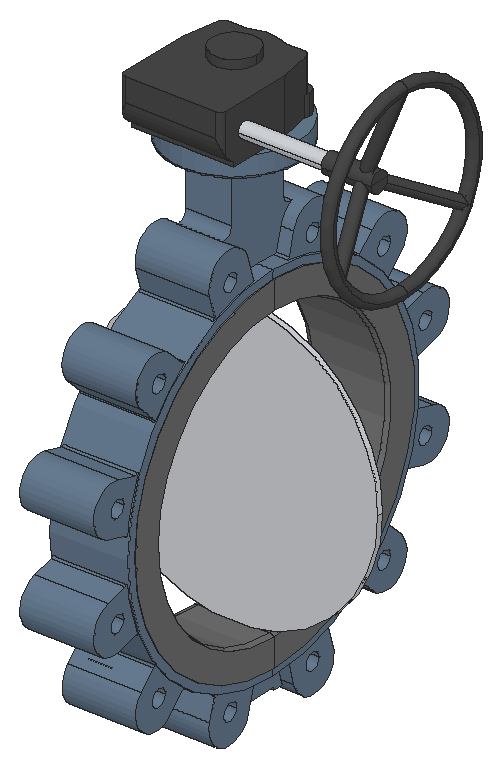
Revit family "Absperr- und Regulierklappe mit Getriebe AF-4219", category Rohrzubehör, Revit 2021
Family settings
  Bemaßung runder Anschluss = Durchmesser verwenden
  Teiletyp = Unterbricht
  OmniClass-Nummer = 23.65.55.14
  OmniClass-Titel = Valves for Liquid Services
  Arbeitsebenenbasiert = Nein
  Immer vertikal = Ja
  Beim Laden mit Abzugskörper schneiden = Nein
  Gemeinsam genutzt = Nein
Parameters
  Vorgabe-Ansicht = 0 mm
  URL = "www.herz-armaturen.at"
  Spindel = "Edelstahl ASTM-A276 / Type 316"  # constant formula
  Schrauben [instance] = if(Nennweite = 50 mm, "4x M16x35", if(Nennweite = 65 mm, "4x M16x35", if(Nennweite = 80 mm, "8x M16x35", if(Nennweite = 100 mm, "8x M16x40", if(Nennweite = 125 mm, "8x M16x40", if(Nennweite = 150 mm, "8x M20x40", if(Nennweite = 200 mm, "12x M20x45", if(Nennweite = 250 mm, "12x M24x45", "12x M24x45"))))))))  # "12x M24x45"
  SCTWSEQ = "FW;SBT_TYP_FW=\"101\";2"
  SCTWCODE = "04;07;02"  # constant formula
  SCRNSEQ = "ARM;ARM_TYP=\"ALLF\";2"
  SCRNCODE = "05;13;02"  # constant formula
  R99 = 1.5 mm  # constant formula
  PN [instance] = size_lookup("4219_AF_G", "PN", 16, Nennweite)  # 10
  O-Ring = "EPDM entsprechend ISO 1691"  # constant formula
  Min.Betriebstemperatur = "-20.00 °C bei entsprechneder Wasser-Glycolmischung"  # constant formula
  Medium = "Ethylen- und Propyleneglykol kann in einem Mischungsverhältnis zwischen 25 - 50 vol. [%] verwendet werden."
  Max.Betriebstemperatur = 110 °C  # constant formula
  L04 [instance] = L01 - 3.5 mm  # 35.5 mm
  L03 [instance] = L01 + 1.5 mm  # 40.5 mm
  L02 [instance] = size_lookup("4219_AF_G", "L2", 14.5 mm, Nennweite)  # 30.5 mm
  L01 [instance] = size_lookup("4219_AF_G", "L1", 21.5 mm, Nennweite)  # 39 mm
  R01 [instance] = size_lookup("4219_AF_G", "R1", 44 mm, Nennweite)  # 65 mm
  Nennweite [instance] = 300 mm
  Klappenscheibe = "Edelstahl 1.4408"  # constant formula
  Hersteller = "HERZ Armaturen Ges.m.b.H."  # constant formula
  Hebel DN50-150 = "Stahl, ST14.03"  # constant formula
  Hebel DN200-DN300 = "Stahl, S235 DIN2458/1626"  # constant formula
  H02 [instance] = size_lookup("4219_AF_G", "H2", 13 mm, Nennweite)  # 20 mm
  H01 [instance] = size_lookup("4219_AF_G", "H1", 125 mm, Nennweite)  # 308 mm
  Gewicht [instance] = size_lookup("4219_AF_G", "Gewicht", 3.8, Nennweite)  # 37.6
  Gehäuseauskleidung = "EPDM entsprechend ISO 1691"  # constant formula
  Gehäuse = "GGG, GJS-400-15/JS1030, entsprechend EN1563"  # constant formula
  Drehmoment in NM [instance] = size_lookup("4219_AF_G", "Nm", 20, Nennweite)  # 350
  DN80 [instance] = Nennweite = 80 mm  # no
  DN65 [instance] = Nennweite = 65 mm  # no
  DN50 [instance] = Nennweite = 50 mm  # no
  DN300 [instance] = Nennweite = 300 mm  # yes
  DN250 [instance] = Nennweite = 250 mm  # no
  DN200 [instance] = Nennweite = 200 mm  # no
  DN150 [instance] = Nennweite = 150 mm  # no
  DN125 [instance] = Nennweite = 125 mm  # no
  DN100 [instance] = Nennweite = 100 mm  # no
  D06 [instance] = size_lookup("4219_AF_G", "D6", 25.3 mm, Nennweite)  # 146.5 mm
  D05 [instance] = size_lookup("4219_AF_G", "D5", 24.5 mm, Nennweite)  # 145 mm
  D04 [instance] = D05 + 2 mm  # 147 mm
  D03 [instance] = size_lookup("4219_AF_G", "D3", 35.5 mm, Nennweite)  # 167.5 mm
  D02 [instance] = size_lookup("4219_AF_G", "D2", 41 mm, Nennweite)  # 175 mm
  D01 [instance] = size_lookup("4219_AF_G", "D1", 47 mm, Nennweite)  # 183 mm
  Bestellnummer [instance] = size_lookup("4219_AF_G", "Artnr", 421911, Nennweite)  # 1421979
  Anwendungsgebiet = "Geeignet für Flüssigkeiten in der Haustechnik, Kaltwasser, Heißwasser, etc."
  Anschlussflansch = "entsprechend EN1092-2"  # constant formula
Reference planes
  plane 1 "Mitte (Vorne/hinten)": y = 0
  plane 2: z = 0
  plane 3 "Mitte (Links/rechts)": x = 0
Forms (mm)
  Revolve 1, solid, material "Herz-Metall-blau", detail levels fine
    sketch origin (0, 0, 0) x (1, 0, 0) y (0, 0, 1)
      loop
        line (-30.5, 175) -> (-30.5, 167.5) -> (30.5, 167.5) -> (30.5, 175) -> (39, 175) -> (39, 183) -> (-39, 183) -> (-39, 175) -> (-30.5, 175)
      axis (-39, 0) -> (39, 0)
    angle from 0 to 360
  Revolve 2, solid, material "Herz-Metall-blau", detail levels fine
    sketch origin (0, 0, 0) x (1, 0, 0) y (0, 0, 1)
      loop
        line (-65, 308) -> (-65, 289.463)
        arc (-65, 289.463) -> (-64.673, 288.527) -> (-63.833, 288) r 1.5
        line (-63.833, 288) -> (0, 288) -> (0, 308) -> (-65, 308)
      axis (0, 308) -> (0, 288)
    angle from 0 to 360
  Extrusion 3, solid, material "Herz-Metall-blau", visible <- "DN50", detail levels fine
    sketch origin (0, 0, 0) x (0, 1, 0) y (0, 0, 1)
      loop
        line (56.215, -32.173) -> (43.95, -19.909)
        arc (43.95, -19.909) -> (43.387, -18.793) -> (43.596, -17.56) r 2
        arc (43.596, -17.56) -> (33.234, -33.234) -> (17.56, -43.596) r 47
        arc (17.56, -43.596) -> (18.793, -43.387) -> (19.909, -43.95) r 2
        line (19.909, -43.95) -> (32.173, -56.215)
        arc (32.173, -56.215) -> (56.215, -56.215) -> (56.215, -32.173) r 17
      loop
        arc (-56.215, -32.173) -> (-56.215, -56.215) -> (-32.173, -56.215) r 17
        line (-32.173, -56.215) -> (-19.909, -43.95)
        arc (-19.909, -43.95) -> (-18.793, -43.387) -> (-17.56, -43.596) r 2
        arc (-17.56, -43.596) -> (-33.234, -33.234) -> (-43.596, -17.56) r 47
        arc (-43.596, -17.56) -> (-43.387, -18.793) -> (-43.95, -19.909) r 2
        line (-43.95, -19.909) -> (-56.215, -32.173)
      loop
        arc (56.215, 32.173) -> (56.215, 56.215) -> (32.173, 56.215) r 17
        line (32.173, 56.215) -> (19.909, 43.95)
        arc (19.909, 43.95) -> (18.793, 43.387) -> (17.56, 43.596) r 2
        arc (17.56, 43.596) -> (33.234, 33.234) -> (43.596, 17.56) r 47
        arc (43.596, 17.56) -> (43.387, 18.793) -> (43.95, 19.909) r 2
        line (43.95, 19.909) -> (56.215, 32.173)
      loop
        line (-56.215, 32.173) -> (-43.95, 19.909)
        arc (-43.95, 19.909) -> (-43.387, 18.793) -> (-43.596, 17.56) r 2
        arc (-43.596, 17.56) -> (-33.234, 33.234) -> (-17.56, 43.596) r 47
        arc (-17.56, 43.596) -> (-18.793, 43.387) -> (-19.909, 43.95) r 2
        line (-19.909, 43.95) -> (-32.173, 56.215)
        arc (-32.173, 56.215) -> (-56.215, 56.215) -> (-56.215, 32.173) r 17
      loop
        circle (-44.194, 44.194) r 6.92
      loop
        circle (44.194, 44.194) r 6.92
      loop
        circle (44.194, -44.194) r 6.92
      loop
        circle (-44.194, -44.194) r 6.92
    from -19.5 to 19.5
  Extrusion 4, solid, material "Herz-Metall-blau", visible <- "DN50", detail levels fine
    sketch origin (0, 0, 0) x (0, 1, 0) y (0, 0, 1)
      loop
        line (20, 74.845) -> (20, 112) -> (-20, 112) -> (-20, 74.845)
        arc (-20, 74.845) -> (-26.046, 62.811) -> (-39.31, 60.477) r 15
        arc (-39.31, 60.477) -> (-35.477, 58.789) -> (-32.173, 56.215) r 17
        line (-32.173, 56.215) -> (-19.909, 43.95)
        arc (-19.909, 43.95) -> (-18.793, 43.387) -> (-17.56, 43.596) r 2
        arc (-17.56, 43.596) -> (0, 47) -> (17.56, 43.596) r 47
        arc (17.56, 43.596) -> (18.793, 43.387) -> (19.909, 43.95) r 2
        line (19.909, 43.95) -> (32.173, 56.215)
        arc (32.173, 56.215) -> (35.477, 58.789) -> (39.31, 60.477) r 17
        arc (39.31, 60.477) -> (26.046, 62.811) -> (20, 74.845) r 15
    from -15 to 15
  Extrusion 5, solid, material "Herz-Metall-blau", visible <- "DN50"
    sketch origin (0, 0, 0) x (0, 1, 0) y (0, 0, 1)
      loop
        arc (33.834, -58) -> (34.246, -58.062) -> (34.622, -58.243) r 1.4
        arc (34.622, -58.243) -> (33.35, -57.286) -> (32.173, -56.215) r 17
        line (32.173, -56.215) -> (19.909, -43.95)
        arc (19.909, -43.95) -> (18.793, -43.387) -> (17.56, -43.596) r 2
        arc (17.56, -43.596) -> (0, -47) -> (-17.56, -43.596) r 47
        arc (-17.56, -43.596) -> (-18.793, -43.387) -> (-19.909, -43.95) r 2
        line (-19.909, -43.95) -> (-32.173, -56.215)
        arc (-32.173, -56.215) -> (-33.35, -57.286) -> (-34.622, -58.243) r 17
        arc (-34.622, -58.243) -> (-34.246, -58.062) -> (-33.834, -58) r 1.4
        line (-33.834, -58) -> (-16.963, -58)
        arc (-16.963, -58) -> (-15.575, -58.575) -> (-15, -59.963) r 1.963
        line (-15, -59.963) -> (-15, -61) -> (15, -61) -> (15, -59.963)
        arc (15, -59.963) -> (15.575, -58.575) -> (16.963, -58) r 1.963
        line (16.963, -58) -> (33.834, -58)
    from -15 to 15
  Revolve 6, solid, material "Gummi", detail levels fine
    sketch origin (-134.5, 0, 0) x (1, 0, 0) y (0, 0, 1)
      loop
        line (94, 175) -> (94, 147) -> (99, 145) -> (170, 145) -> (175, 147) -> (175, 175) -> (165, 175) -> (165, 167.5) -> (104, 167.5) -> (104, 175) -> (94, 175)
      axis (94, 0) -> (175, 0)
    angle from 0 to 360
  Extrusion 7, solid, detail levels fine
    sketch origin (0, 0, 0) x (1, 0, 0) y (0, 0, 1)
      loop
        circle (0, 0) r 146.5
    from -2.5 to 2.5
  Extrusion 8, solid, material "Herz-Metall-blau", visible <- "DN65", detail levels fine
    sketch origin (0, -300, 0) x (0, 1, 0) y (0, 0, 1)
      loop
        circle (351.265, 51.265) r 6.92
      loop
        arc (363.286, 39.244) -> (363.286, 63.286) -> (339.244, 63.286) r 17
        line (339.244, 63.286) -> (328.595, 52.636)
        arc (328.595, 52.636) -> (327.499, 52.076) -> (326.282, 52.264) r 2
        arc (326.282, 52.264) -> (341.366, 41.366) -> (352.264, 26.282) r 58.501
        arc (352.264, 26.282) -> (352.087, 27.51) -> (352.656, 28.614) r 2.038
        line (352.656, 28.614) -> (363.286, 39.244)
      loop
        circle (351.265, -51.265) r 6.92
      loop
        line (363.286, -39.244) -> (352.656, -28.614)
        arc (352.656, -28.614) -> (352.087, -27.51) -> (352.264, -26.282) r 2.038
        arc (352.264, -26.282) -> (341.366, -41.366) -> (326.282, -52.264) r 58.501
        arc (326.282, -52.264) -> (327.499, -52.076) -> (328.595, -52.636) r 2
        line (328.595, -52.636) -> (339.244, -63.286)
        arc (339.244, -63.286) -> (363.286, -63.286) -> (363.286, -39.244) r 17
      loop
        circle (248.735, 51.265) r 6.92
      loop
        line (236.714, 39.244) -> (247.344, 28.614)
        arc (247.344, 28.614) -> (247.913, 27.51) -> (247.736, 26.282) r 2.038
        arc (247.736, 26.282) -> (258.634, 41.366) -> (273.718, 52.264) r 58.501
        arc (273.718, 52.264) -> (272.501, 52.076) -> (271.405, 52.636) r 2
        line (271.405, 52.636) -> (260.756, 63.286)
        arc (260.756, 63.286) -> (236.714, 63.286) -> (236.714, 39.244) r 17
      loop
        circle (248.735, -51.265) r 6.92
      loop
        arc (236.714, -39.244) -> (236.714, -63.286) -> (260.756, -63.286) r 17
        line (260.756, -63.286) -> (271.405, -52.636)
        arc (271.405, -52.636) -> (272.501, -52.076) -> (273.718, -52.264) r 2
        arc (273.718, -52.264) -> (258.634, -41.366) -> (247.736, -26.282) r 58.501
        arc (247.736, -26.282) -> (247.913, -27.51) -> (247.344, -28.614) r 2.038
        line (247.344, -28.614) -> (236.714, -39.244)
    from -21 to 21
  Extrusion 9, solid, material "Herz-Metall-blau", visible <- "DN65", detail levels fine
    sketch origin (0, -300, 0) x (0, 1, 0) y (0, 0, 1)
      loop
        line (278, 136.5) -> (278, 78.286)
        arc (278, 78.286) -> (272.889, 69.099) -> (263, 65.53) r 14.984
        line (263, 65.53) -> (257.982, 65.53)
        arc (257.982, 65.53) -> (259.428, 64.481) -> (260.756, 63.286) r 17
        line (260.756, 63.286) -> (271.405, 52.636)
        arc (271.405, 52.636) -> (272.501, 52.076) -> (273.718, 52.264) r 2
        arc (273.718, 52.264) -> (300, 58.5) -> (326.282, 52.264) r 58.5
        arc (326.282, 52.264) -> (327.499, 52.076) -> (328.595, 52.636) r 2
        line (328.595, 52.636) -> (339.244, 63.286)
        arc (339.244, 63.286) -> (340.572, 64.481) -> (342.018, 65.53) r 17
        line (342.018, 65.53) -> (337, 65.53)
        arc (337, 65.53) -> (327.111, 69.099) -> (322, 78.286) r 14.984
        line (322, 78.286) -> (322, 136.5) -> (278, 136.5)
      loop
        arc (260.756, -63.286) -> (259.428, -64.481) -> (257.982, -65.53) r 17
        line (257.982, -65.53) -> (280.029, -65.53)
        arc (280.029, -65.53) -> (281.423, -66.108) -> (282, -67.501) r 1.971
        line (282, -67.501) -> (282, -74) -> (318, -74) -> (318, -67.527)
        arc (318, -67.527) -> (318.585, -66.115) -> (319.997, -65.53) r 1.997
        line (319.997, -65.53) -> (342.018, -65.53)
        arc (342.018, -65.53) -> (340.572, -64.481) -> (339.244, -63.286) r 17
        line (339.244, -63.286) -> (328.595, -52.636)
        arc (328.595, -52.636) -> (327.499, -52.076) -> (326.282, -52.264) r 2
        arc (326.282, -52.264) -> (300, -58.5) -> (273.718, -52.264) r 58.5
        arc (273.718, -52.264) -> (272.501, -52.076) -> (271.405, -52.636) r 2
        line (271.405, -52.636) -> (260.756, -63.286)
    from -18 to 18
  Extrusion 10, solid, material "Herz-Metall-blau", visible <- "DN80", detail levels fine
    sketch origin (0, -300, 0) x (0, 1, 0) y (0, 0, 1)
      loop
        circle (269.385, 73.91) r 6.92
      loop
        arc (285.091, 80.416) -> (262.88, 89.616) -> (253.679, 67.405) r 17
        line (253.679, 67.405) -> (259.513, 53.322)
        arc (259.513, 53.322) -> (259.602, 52.073) -> (258.924, 51.02) r 1.982
        arc (258.924, 51.02) -> (274.934, 60.514) -> (292.968, 65.121) r 65.5
        arc (292.968, 65.121) -> (291.745, 65.388) -> (290.924, 66.335) r 1.984
        line (290.924, 66.335) -> (285.091, 80.416)
      loop
        circle (226.09, 30.615) r 6.92
      loop
        line (219.584, 14.909) -> (233.665, 9.076)
        arc (233.665, 9.076) -> (234.612, 8.255) -> (234.879, 7.032) r 1.984
        arc (234.879, 7.032) -> (239.486, 25.066) -> (248.98, 41.076) r 65.5
        arc (248.98, 41.076) -> (247.927, 40.398) -> (246.678, 40.487) r 1.982
        line (246.678, 40.487) -> (232.595, 46.321)
        arc (232.595, 46.321) -> (210.384, 37.12) -> (219.584, 14.909) r 17
      loop
        circle (269.385, -73.91) r 6.92
      loop
        line (285.091, -80.416) -> (290.924, -66.335)
        arc (290.924, -66.335) -> (291.745, -65.388) -> (292.968, -65.121) r 1.984
        arc (292.968, -65.121) -> (274.934, -60.514) -> (258.924, -51.02) r 65.5
        arc (258.924, -51.02) -> (259.602, -52.073) -> (259.513, -53.322) r 1.982
        line (259.513, -53.322) -> (253.679, -67.405)
        arc (253.679, -67.405) -> (262.88, -89.616) -> (285.091, -80.416) r 17
      loop
        circle (226.09, -30.615) r 6.92
      loop
        arc (219.584, -14.909) -> (210.384, -37.12) -> (232.595, -46.321) r 17
        line (232.595, -46.321) -> (246.678, -40.487)
        arc (246.678, -40.487) -> (247.927, -40.398) -> (248.98, -41.076) r 1.982
        arc (248.98, -41.076) -> (239.486, -25.066) -> (234.879, -7.032) r 65.5
        arc (234.879, -7.032) -> (234.612, -8.255) -> (233.665, -9.076) r 1.984
        line (233.665, -9.076) -> (219.584, -14.909)
      loop
        circle (330.615, 73.91) r 6.92
      loop
        line (314.909, 80.416) -> (309.076, 66.335)
        arc (309.076, 66.335) -> (308.255, 65.388) -> (307.032, 65.121) r 1.984
        arc (307.032, 65.121) -> (325.066, 60.514) -> (341.076, 51.02) r 65.5
        arc (341.076, 51.02) -> (340.398, 52.073) -> (340.487, 53.322) r 1.982
        line (340.487, 53.322) -> (346.321, 67.405)
        arc (346.321, 67.405) -> (337.12, 89.616) -> (314.909, 80.416) r 17
      loop
        circle (373.91, 30.615) r 6.92
      loop
        arc (380.416, 14.909) -> (389.616, 37.12) -> (367.405, 46.321) r 17
        line (367.405, 46.321) -> (353.322, 40.487)
        arc (353.322, 40.487) -> (352.073, 40.398) -> (351.02, 41.076) r 1.982
        arc (351.02, 41.076) -> (360.514, 25.066) -> (365.121, 7.032) r 65.5
        arc (365.121, 7.032) -> (365.388, 8.255) -> (366.335, 9.076) r 1.984
        line (366.335, 9.076) -> (380.416, 14.909)
      loop
        circle (330.615, -73.91) r 6.92
      loop
        arc (314.909, -80.416) -> (337.12, -89.616) -> (346.321, -67.405) r 17
        line (346.321, -67.405) -> (340.487, -53.322)
        arc (340.487, -53.322) -> (340.398, -52.073) -> (341.076, -51.02) r 1.982
        arc (341.076, -51.02) -> (325.066, -60.514) -> (307.032, -65.121) r 65.5
        arc (307.032, -65.121) -> (308.255, -65.388) -> (309.076, -66.335) r 1.984
        line (309.076, -66.335) -> (314.909, -80.416)
      loop
        circle (373.91, -30.615) r 6.92
      loop
        line (380.416, -14.909) -> (366.335, -9.076)
        arc (366.335, -9.076) -> (365.388, -8.255) -> (365.121, -7.032) r 1.984
        arc (365.121, -7.032) -> (360.514, -25.066) -> (351.02, -41.076) r 65.5
        arc (351.02, -41.076) -> (352.073, -40.398) -> (353.322, -40.487) r 1.982
        line (353.322, -40.487) -> (367.405, -46.321)
        arc (367.405, -46.321) -> (389.616, -37.12) -> (380.416, -14.909) r 17
    from -21 to 21
  Extrusion 11, solid, material "Herz-Metall-blau", visible <- "DN80", detail levels fine
    sketch origin (0, -300, 0) x (0, 1, 0) y (0, 0, 1)
      loop
        line (278, 143.5) -> (278, 100.814)
        arc (278, 100.814) -> (275.545, 94.251) -> (269.385, 90.91) r 10
        arc (269.385, 90.91) -> (278.83, 88.045) -> (285.091, 80.416) r 17
        line (285.091, 80.416) -> (290.924, 66.335)
        arc (290.924, 66.335) -> (291.744, 65.388) -> (292.968, 65.121) r 1.984
        arc (292.968, 65.121) -> (300, 65.497) -> (307.032, 65.121) r 66.05
        arc (307.032, 65.121) -> (308.256, 65.388) -> (309.076, 66.335) r 1.984
        line (309.076, 66.335) -> (314.909, 80.416)
        arc (314.909, 80.416) -> (321.17, 88.045) -> (330.615, 90.91) r 17
        arc (330.615, 90.91) -> (324.455, 94.251) -> (322, 100.814) r 10
        line (322, 100.814) -> (322, 143.5) -> (278, 143.5)
      loop
        line (285.091, -80.416) -> (286.5, -80.946) -> (313.5, -80.946) -> (314.89, -80.371) -> (309.076, -66.335)
        arc (309.076, -66.335) -> (308.256, -65.388) -> (307.032, -65.121) r 1.984
        arc (307.032, -65.121) -> (300, -65.497) -> (292.968, -65.121) r 66.05
        arc (292.968, -65.121) -> (291.744, -65.388) -> (290.924, -66.335) r 1.984
        line (290.924, -66.335) -> (285.091, -80.416)
    from -18.5 to 18.5
  Extrusion 12, solid, material "Herz-Metall-blau", visible <- "DN100", detail levels fine
    sketch origin (0, -300, 0) x (0, 1, 0) y (0, 0, 1)
      loop
        circle (265.558, 83.149) r 6.92
      loop
        arc (281.264, 89.655) -> (259.053, 98.855) -> (249.853, 76.644) r 17
        line (249.853, 76.644) -> (255.731, 62.451)
        arc (255.731, 62.451) -> (255.813, 61.14) -> (255.074, 60.055) r 2.025
        arc (255.074, 60.055) -> (271.3, 69.291) -> (289.305, 74.233) r 75
        arc (289.305, 74.233) -> (288.012, 74.478) -> (287.142, 75.464) r 2.027
        line (287.142, 75.464) -> (281.264, 89.655)
      loop
        circle (216.851, 34.442) r 6.92
      loop
        line (210.345, 18.736) -> (224.536, 12.858)
        arc (224.536, 12.858) -> (225.522, 11.988) -> (225.767, 10.695) r 2.027
        arc (225.767, 10.695) -> (230.709, 28.7) -> (239.945, 44.926) r 75
        arc (239.945, 44.926) -> (238.86, 44.187) -> (237.549, 44.269) r 2.025
        line (237.549, 44.269) -> (223.356, 50.147)
        arc (223.356, 50.147) -> (201.145, 40.947) -> (210.345, 18.736) r 17
      loop
        circle (265.558, -83.149) r 6.92
      loop
        line (281.264, -89.655) -> (287.142, -75.464)
        arc (287.142, -75.464) -> (288.012, -74.478) -> (289.305, -74.233) r 2.027
        arc (289.305, -74.233) -> (271.3, -69.291) -> (255.074, -60.055) r 75
        arc (255.074, -60.055) -> (255.813, -61.14) -> (255.731, -62.451) r 2.025
        line (255.731, -62.451) -> (249.853, -76.644)
        arc (249.853, -76.644) -> (259.053, -98.855) -> (281.264, -89.655) r 17
      loop
        circle (216.851, -34.442) r 6.92
      loop
        arc (210.345, -18.736) -> (201.145, -40.947) -> (223.356, -50.147) r 17
        line (223.356, -50.147) -> (237.549, -44.269)
        arc (237.549, -44.269) -> (238.86, -44.187) -> (239.945, -44.926) r 2.025
        arc (239.945, -44.926) -> (230.709, -28.7) -> (225.767, -10.695) r 75
        arc (225.767, -10.695) -> (225.522, -11.988) -> (224.536, -12.858) r 2.027
        line (224.536, -12.858) -> (210.345, -18.736)
      loop
        circle (334.442, 83.149) r 6.92
      loop
        line (318.736, 89.655) -> (312.858, 75.464)
        arc (312.858, 75.464) -> (311.988, 74.478) -> (310.695, 74.233) r 2.027
        arc (310.695, 74.233) -> (328.7, 69.291) -> (344.926, 60.055) r 75
        arc (344.926, 60.055) -> (344.187, 61.14) -> (344.269, 62.451) r 2.025
        line (344.269, 62.451) -> (350.147, 76.644)
        arc (350.147, 76.644) -> (340.947, 98.855) -> (318.736, 89.655) r 17
      loop
        circle (383.149, 34.442) r 6.92
      loop
        arc (389.655, 18.736) -> (398.855, 40.947) -> (376.644, 50.147) r 17
        line (376.644, 50.147) -> (362.451, 44.269)
        arc (362.451, 44.269) -> (361.14, 44.187) -> (360.055, 44.926) r 2.025
        arc (360.055, 44.926) -> (369.291, 28.7) -> (374.233, 10.695) r 75
        arc (374.233, 10.695) -> (374.478, 11.988) -> (375.464, 12.858) r 2.027
        line (375.464, 12.858) -> (389.655, 18.736)
      loop
        circle (334.442, -83.149) r 6.92
      loop
        arc (318.736, -89.655) -> (340.947, -98.855) -> (350.147, -76.644) r 17
        line (350.147, -76.644) -> (344.269, -62.451)
        arc (344.269, -62.451) -> (344.187, -61.14) -> (344.926, -60.055) r 2.025
        arc (344.926, -60.055) -> (328.7, -69.291) -> (310.695, -74.233) r 75
        arc (310.695, -74.233) -> (311.988, -74.478) -> (312.858, -75.464) r 2.027
        line (312.858, -75.464) -> (318.736, -89.655)
      loop
        circle (383.149, -34.442) r 6.92
      loop
        line (389.655, -18.736) -> (375.464, -12.858)
        arc (375.464, -12.858) -> (374.478, -11.988) -> (374.233, -10.695) r 2.027
        arc (374.233, -10.695) -> (369.291, -28.7) -> (360.055, -44.926) r 75
        arc (360.055, -44.926) -> (361.14, -44.187) -> (362.451, -44.269) r 2.025
        line (362.451, -44.269) -> (376.644, -50.147)
        arc (376.644, -50.147) -> (398.855, -40.947) -> (389.655, -18.736) r 17
    from -24 to 24
  Extrusion 13, solid, material "Herz-Metall-blau", visible <- "DN100", detail levels fine
    sketch origin (0, -300, 0) x (0, 1, 0) y (0, 0, 1)
      loop
        line (274, 167) -> (274, 114.47)
        arc (274, 114.47) -> (270.644, 105.014) -> (262.078, 99.789) r 15
        arc (262.078, 99.789) -> (273.498, 98.181) -> (281.264, 89.655) r 17
        line (281.264, 89.655) -> (287.142, 75.464)
        arc (287.142, 75.464) -> (288.012, 74.478) -> (289.305, 74.233) r 2.027
        arc (289.305, 74.233) -> (300, 75) -> (310.695, 74.233) r 75
        arc (310.695, 74.233) -> (311.988, 74.478) -> (312.858, 75.464) r 2.027
        line (312.858, 75.464) -> (318.736, 89.655)
        arc (318.736, 89.655) -> (326.502, 98.181) -> (337.922, 99.789) r 17
        arc (337.922, 99.789) -> (329.356, 105.014) -> (326, 114.47) r 15
        line (326, 114.47) -> (326, 167) -> (274, 167)
      loop
        line (286.5, -93) -> (313.5, -93) -> (313.5, -96) -> (323.312, -96)
        arc (323.312, -96) -> (320.654, -93.094) -> (318.736, -89.655) r 17
        line (318.736, -89.655) -> (312.858, -75.464)
        arc (312.858, -75.464) -> (311.988, -74.478) -> (310.695, -74.233) r 2.027
        arc (310.695, -74.233) -> (300, -75) -> (289.305, -74.233) r 75
        arc (289.305, -74.233) -> (288.012, -74.478) -> (287.142, -75.464) r 2.027
        line (287.142, -75.464) -> (281.264, -89.655)
        arc (281.264, -89.655) -> (279.346, -93.094) -> (276.688, -96) r 17
        line (276.688, -96) -> (286.5, -96) -> (286.5, -93)
    from -18 to 18
  Extrusion 14, solid, material "Herz-Metall-blau", visible <- "DN125", detail levels fine
    sketch origin (0, -300, 0) x (0, 1, 0) y (0, 0, 1)
      loop
        circle (259.818, 97.007) r 6.92
      loop
        arc (275.524, 103.513) -> (253.313, 112.713) -> (244.112, 90.502) r 17
        line (244.112, 90.502) -> (249.217, 78.179)
        arc (249.217, 78.179) -> (249.286, 76.825) -> (248.485, 75.731) r 2.023
        arc (248.485, 75.731) -> (264.902, 84.594) -> (282.772, 89.957) r 91.852
        arc (282.772, 89.957) -> (281.505, 90.18) -> (280.649, 91.141) r 1.958
        line (280.649, 91.141) -> (275.524, 103.513)
      loop
        circle (202.993, 40.182) r 6.92
      loop
        line (196.487, 24.476) -> (208.859, 19.351)
        arc (208.859, 19.351) -> (209.82, 18.495) -> (210.043, 17.228) r 1.958
        arc (210.043, 17.228) -> (215.406, 35.098) -> (224.269, 51.515) r 91.852
        arc (224.269, 51.515) -> (223.175, 50.714) -> (221.821, 50.783) r 2.023
        line (221.821, 50.783) -> (209.498, 55.888)
        arc (209.498, 55.888) -> (187.287, 46.687) -> (196.487, 24.476) r 17
      loop
        circle (259.818, -97.007) r 6.92
      loop
        line (275.524, -103.513) -> (280.649, -91.141)
        arc (280.649, -91.141) -> (281.505, -90.18) -> (282.772, -89.957) r 1.958
        arc (282.772, -89.957) -> (264.902, -84.594) -> (248.485, -75.731) r 91.852
        arc (248.485, -75.731) -> (249.286, -76.825) -> (249.217, -78.179) r 2.023
        line (249.217, -78.179) -> (244.112, -90.502)
        arc (244.112, -90.502) -> (253.313, -112.713) -> (275.524, -103.513) r 17
      loop
        circle (202.993, -40.182) r 6.92
      loop
        arc (196.487, -24.476) -> (187.287, -46.687) -> (209.498, -55.888) r 17
        line (209.498, -55.888) -> (221.821, -50.783)
        arc (221.821, -50.783) -> (223.175, -50.714) -> (224.269, -51.515) r 2.023
        arc (224.269, -51.515) -> (215.406, -35.098) -> (210.043, -17.228) r 91.852
        arc (210.043, -17.228) -> (209.82, -18.495) -> (208.859, -19.351) r 1.958
        line (208.859, -19.351) -> (196.487, -24.476)
      loop
        circle (340.182, 97.007) r 6.92
      loop
        line (324.476, 103.513) -> (319.351, 91.141)
        arc (319.351, 91.141) -> (318.495, 90.18) -> (317.228, 89.957) r 1.958
        arc (317.228, 89.957) -> (335.098, 84.594) -> (351.515, 75.731) r 91.852
        arc (351.515, 75.731) -> (350.714, 76.825) -> (350.783, 78.179) r 2.023
        line (350.783, 78.179) -> (355.888, 90.502)
        arc (355.888, 90.502) -> (346.687, 112.713) -> (324.476, 103.513) r 17
      loop
        circle (397.007, 40.182) r 6.92
      loop
        arc (403.513, 24.476) -> (412.713, 46.687) -> (390.502, 55.888) r 17
        line (390.502, 55.888) -> (378.179, 50.783)
        arc (378.179, 50.783) -> (376.825, 50.714) -> (375.731, 51.515) r 2.023
        arc (375.731, 51.515) -> (384.594, 35.098) -> (389.957, 17.228) r 91.852
        arc (389.957, 17.228) -> (390.18, 18.495) -> (391.141, 19.351) r 1.958
        line (391.141, 19.351) -> (403.513, 24.476)
      loop
        circle (340.182, -97.007) r 6.92
      loop
        arc (324.476, -103.513) -> (346.687, -112.713) -> (355.888, -90.502) r 17
        line (355.888, -90.502) -> (350.783, -78.179)
        arc (350.783, -78.179) -> (350.714, -76.825) -> (351.515, -75.731) r 2.023
        arc (351.515, -75.731) -> (335.098, -84.594) -> (317.228, -89.957) r 91.852
        arc (317.228, -89.957) -> (318.495, -90.18) -> (319.351, -91.141) r 1.958
        line (319.351, -91.141) -> (324.476, -103.513)
      loop
        circle (397.007, -40.182) r 6.92
      loop
        line (403.513, -24.476) -> (391.141, -19.351)
        arc (391.141, -19.351) -> (390.18, -18.495) -> (389.957, -17.228) r 1.958
        arc (389.957, -17.228) -> (384.594, -35.098) -> (375.731, -51.515) r 91.852
        arc (375.731, -51.515) -> (376.825, -50.714) -> (378.179, -50.783) r 2.023
        line (378.179, -50.783) -> (390.502, -55.888)
        arc (390.502, -55.888) -> (412.713, -46.687) -> (403.513, -24.476) r 17
    from -26 to 26
  Extrusion 15, solid, material "Herz-Metall-blau", visible <- "DN125", detail levels fine
    sketch origin (0, -300, 0) x (0, 1, 0) y (0, 0, 1)
      loop
        line (273.999, 186) -> (273.95, 123.689)
        arc (273.95, 123.689) -> (270.458, 116.096) -> (262.42, 113.807) r 10
        arc (262.42, 113.807) -> (270.32, 110.376) -> (275.524, 103.513) r 17
        line (275.524, 103.513) -> (280.649, 91.141)
        arc (280.649, 91.141) -> (281.528, 90.167) -> (282.825, 89.967) r 1.958
        arc (282.825, 89.967) -> (299.999, 91.589) -> (317.173, 89.967) r 91.7
        arc (317.173, 89.967) -> (318.469, 90.167) -> (319.348, 91.141) r 1.958
        line (319.348, 91.141) -> (324.473, 103.513)
        arc (324.473, 103.513) -> (329.677, 110.376) -> (337.577, 113.807) r 17
        arc (337.577, 113.807) -> (329.539, 116.096) -> (325.999, 123.689) r 10
        line (325.999, 123.689) -> (325.999, 186) -> (273.999, 186)
      loop
        line (286.499, -110.51) -> (313.499, -110.51) -> (313.499, -113.51) -> (336.099, -113.51)
        arc (336.099, -113.51) -> (329.095, -109.897) -> (324.473, -103.513) r 17
        line (324.473, -103.513) -> (319.348, -91.141)
        arc (319.348, -91.141) -> (318.469, -90.167) -> (317.173, -89.967) r 1.958
        arc (317.173, -89.967) -> (299.999, -91.589) -> (282.825, -89.967) r 91.7
        arc (282.825, -89.967) -> (281.528, -90.167) -> (280.649, -91.141) r 1.958
        line (280.649, -91.141) -> (275.524, -103.513)
        arc (275.524, -103.513) -> (270.902, -109.897) -> (263.898, -113.51) r 17
        line (263.898, -113.51) -> (286.499, -113.51) -> (286.499, -110.51)
    from -18 to 18
  Extrusion 16, solid, material "Herz-Metall-blau", visible <- "DN150", detail levels fine
    sketch origin (0, -300, 0) x (0, 1, 0) y (0, 0, 1)
      loop
        circle (254.078, 110.866) r 8.645
      loop
        arc (273.479, 118.902) -> (246.042, 130.267) -> (234.677, 102.829) r 21
        line (234.677, 102.829) -> (241.591, 86.136)
        arc (241.591, 86.136) -> (241.664, 84.82) -> (240.899, 83.746) r 1.993
        arc (240.899, 83.746) -> (260.776, 94.698) -> (282.575, 101.008) r 102.504
        arc (282.575, 101.008) -> (281.263, 101.248) -> (280.379, 102.246) r 2.042
        line (280.379, 102.246) -> (273.479, 118.902)
      loop
        circle (189.134, 45.922) r 8.645
      loop
        line (181.098, 26.521) -> (197.754, 19.621)
        arc (197.754, 19.621) -> (198.752, 18.737) -> (198.992, 17.425) r 2.042
        arc (198.992, 17.425) -> (205.302, 39.224) -> (216.254, 59.101) r 102.504
        arc (216.254, 59.101) -> (215.18, 58.336) -> (213.864, 58.409) r 1.993
        line (213.864, 58.409) -> (197.171, 65.323)
        arc (197.171, 65.323) -> (169.733, 53.958) -> (181.098, 26.521) r 21
      loop
        circle (254.078, -110.866) r 8.645
      loop
        line (273.479, -118.902) -> (280.379, -102.246)
        arc (280.379, -102.246) -> (281.263, -101.248) -> (282.575, -101.008) r 2.042
        arc (282.575, -101.008) -> (260.776, -94.698) -> (240.899, -83.746) r 102.504
        arc (240.899, -83.746) -> (241.664, -84.82) -> (241.591, -86.136) r 1.993
        line (241.591, -86.136) -> (234.677, -102.829)
        arc (234.677, -102.829) -> (246.042, -130.267) -> (273.479, -118.902) r 21
      loop
        circle (189.134, -45.922) r 8.645
      loop
        arc (181.098, -26.521) -> (169.733, -53.958) -> (197.171, -65.323) r 21
        line (197.171, -65.323) -> (213.864, -58.409)
        arc (213.864, -58.409) -> (215.18, -58.336) -> (216.254, -59.101) r 1.993
        arc (216.254, -59.101) -> (205.302, -39.224) -> (198.992, -17.425) r 102.504
        arc (198.992, -17.425) -> (198.752, -18.737) -> (197.754, -19.621) r 2.042
        line (197.754, -19.621) -> (181.098, -26.521)
      loop
        circle (345.922, 110.866) r 8.645
      loop
        line (326.521, 118.902) -> (319.621, 102.246)
        arc (319.621, 102.246) -> (318.737, 101.248) -> (317.425, 101.008) r 2.042
        arc (317.425, 101.008) -> (339.224, 94.698) -> (359.101, 83.746) r 102.504
        arc (359.101, 83.746) -> (358.336, 84.82) -> (358.409, 86.136) r 1.993
        line (358.409, 86.136) -> (365.323, 102.829)
        arc (365.323, 102.829) -> (353.958, 130.267) -> (326.521, 118.902) r 21
      loop
        circle (410.866, 45.922) r 8.645
      loop
        arc (418.902, 26.521) -> (430.267, 53.958) -> (402.829, 65.323) r 21
        line (402.829, 65.323) -> (386.136, 58.409)
        arc (386.136, 58.409) -> (384.82, 58.336) -> (383.746, 59.101) r 1.993
        arc (383.746, 59.101) -> (394.698, 39.224) -> (401.008, 17.425) r 102.504
        arc (401.008, 17.425) -> (401.248, 18.737) -> (402.246, 19.621) r 2.042
        line (402.246, 19.621) -> (418.902, 26.521)
      loop
        circle (345.922, -110.866) r 8.645
      loop
        arc (326.521, -118.902) -> (353.958, -130.267) -> (365.323, -102.829) r 21
        line (365.323, -102.829) -> (358.409, -86.136)
        arc (358.409, -86.136) -> (358.336, -84.82) -> (359.101, -83.746) r 1.993
        arc (359.101, -83.746) -> (339.224, -94.698) -> (317.425, -101.008) r 102.504
        arc (317.425, -101.008) -> (318.737, -101.248) -> (319.621, -102.246) r 2.042
        line (319.621, -102.246) -> (326.521, -118.902)
      loop
        circle (410.866, -45.922) r 8.645
      loop
        line (418.902, -26.521) -> (402.246, -19.621)
        arc (402.246, -19.621) -> (401.248, -18.737) -> (401.008, -17.425) r 2.042
        arc (401.008, -17.425) -> (394.698, -39.224) -> (383.746, -59.101) r 102.504
        arc (383.746, -59.101) -> (384.82, -58.336) -> (386.136, -58.409) r 1.993
        line (386.136, -58.409) -> (402.829, -65.323)
        arc (402.829, -65.323) -> (430.267, -53.958) -> (418.902, -26.521) r 21
    from -26 to 26
  Extrusion 17, solid, material "Herz-Metall-blau", visible <- "DN150", detail levels fine
    sketch origin (0, -300, 0) x (0, 1, 0) y (0, 0, 1)
      loop
        line (274, 199) -> (274, 135)
        arc (274, 135) -> (272.527, 129.776) -> (268.541, 126.091) r 10
        arc (268.541, 126.091) -> (271.388, 122.755) -> (273.479, 118.902) r 21
        line (273.479, 118.902) -> (280.379, 102.246)
        arc (280.379, 102.246) -> (281.28, 101.239) -> (282.612, 101.014) r 2.042
        arc (282.612, 101.014) -> (300, 102.5) -> (317.388, 101.014) r 102.5
        arc (317.388, 101.014) -> (318.72, 101.239) -> (319.621, 102.246) r 2.042
        line (319.621, 102.246) -> (326.521, 118.902)
        arc (326.521, 118.902) -> (328.612, 122.755) -> (331.459, 126.091) r 21
        arc (331.459, 126.091) -> (327.473, 129.776) -> (326, 135) r 10
        line (326, 135) -> (326, 199) -> (274, 199)
      loop
        line (286.5, -122.5) -> (313.5, -122.5) -> (313.5, -125.5) -> (330.861, -125.5)
        arc (330.861, -125.5) -> (328.378, -122.407) -> (326.521, -118.902) r 21
        line (326.521, -118.902) -> (319.621, -102.246)
        arc (319.621, -102.246) -> (318.72, -101.239) -> (317.388, -101.014) r 2.042
        arc (317.388, -101.014) -> (300, -102.5) -> (282.612, -101.014) r 102.5
        arc (282.612, -101.014) -> (281.28, -101.239) -> (280.379, -102.246) r 2.042
        line (280.379, -102.246) -> (273.479, -118.902)
        arc (273.479, -118.902) -> (271.622, -122.407) -> (269.139, -125.5) r 21
        line (269.139, -125.5) -> (286.5, -125.5) -> (286.5, -122.5)
    from -18 to 18
  Extrusion 18, solid, material "Herz-Metall-blau", visible <- "DN200", detail levels fine
    sketch origin (0, -400, 0) x (0, 1, 0) y (0, 0, 1)
      loop
        circle (361.824, 142.474) r 8.645
      loop
        arc (382.109, 147.909) -> (356.389, 162.759) -> (341.54, 137.039) r 21
        line (341.54, 137.039) -> (345.801, 121.136)
        arc (345.801, 121.136) -> (345.679, 119.74) -> (344.688, 118.75) r 2.048
        arc (344.688, 118.75) -> (366.062, 126.527) -> (388.459, 130.491) r 131
        arc (388.459, 130.491) -> (387.159, 130.838) -> (386.388, 131.939) r 1.965
        line (386.388, 131.939) -> (382.109, 147.909)
      loop
        circle (257.526, 38.176) r 8.645
      loop
        line (252.091, 17.891) -> (268.061, 13.612)
        arc (268.061, 13.612) -> (269.162, 12.841) -> (269.509, 11.541) r 1.965
        arc (269.509, 11.541) -> (273.473, 33.938) -> (281.25, 55.312) r 131
        arc (281.25, 55.312) -> (280.26, 54.321) -> (278.864, 54.199) r 2.048
        line (278.864, 54.199) -> (262.961, 58.46)
        arc (262.961, 58.46) -> (237.241, 43.611) -> (252.091, 17.891) r 21
      loop
        circle (295.702, 104.298) r 8.645
      loop
        line (280.853, 89.449) -> (292.543, 77.758)
        arc (292.543, 77.758) -> (293.111, 76.539) -> (292.762, 75.24) r 1.965
        arc (292.762, 75.24) -> (307.393, 92.655) -> (324.816, 107.277) r 131
        arc (324.816, 107.277) -> (323.463, 106.914) -> (322.193, 107.506) r 2.048
        line (322.193, 107.506) -> (310.551, 119.147)
        arc (310.551, 119.147) -> (280.853, 119.147) -> (280.853, 89.449) r 21
      loop
        circle (361.824, -142.474) r 8.645
      loop
        line (382.109, -147.909) -> (386.388, -131.939)
        arc (386.388, -131.939) -> (387.159, -130.838) -> (388.459, -130.491) r 1.965
        arc (388.459, -130.491) -> (366.062, -126.527) -> (344.688, -118.75) r 131
        arc (344.688, -118.75) -> (345.679, -119.74) -> (345.801, -121.136) r 2.048
        line (345.801, -121.136) -> (341.54, -137.039)
        arc (341.54, -137.039) -> (356.389, -162.759) -> (382.109, -147.909) r 21
      loop
        circle (257.526, -38.176) r 8.645
      loop
        arc (252.091, -17.891) -> (237.241, -43.611) -> (262.961, -58.46) r 21
        line (262.961, -58.46) -> (278.864, -54.199)
        arc (278.864, -54.199) -> (280.26, -54.321) -> (281.25, -55.312) r 2.048
        arc (281.25, -55.312) -> (273.473, -33.938) -> (269.509, -11.541) r 131
        arc (269.509, -11.541) -> (269.162, -12.841) -> (268.061, -13.612) r 1.965
        line (268.061, -13.612) -> (252.091, -17.891)
      loop
        circle (295.702, -104.298) r 8.645
      loop
        arc (280.853, -89.449) -> (280.853, -119.147) -> (310.551, -119.147) r 21
        line (310.551, -119.147) -> (322.193, -107.506)
        arc (322.193, -107.506) -> (323.463, -106.914) -> (324.816, -107.277) r 2.048
        arc (324.816, -107.277) -> (307.393, -92.655) -> (292.762, -75.24) r 131
        arc (292.762, -75.24) -> (293.111, -76.539) -> (292.543, -77.758) r 1.965
        line (292.543, -77.758) -> (280.853, -89.449)
      loop
        circle (438.176, 142.474) r 8.645
      loop
        line (417.891, 147.909) -> (413.612, 131.939)
        arc (413.612, 131.939) -> (412.841, 130.838) -> (411.541, 130.491) r 1.965
        arc (411.541, 130.491) -> (433.938, 126.527) -> (455.312, 118.75) r 131
        arc (455.312, 118.75) -> (454.321, 119.74) -> (454.199, 121.136) r 2.048
        line (454.199, 121.136) -> (458.46, 137.039)
        arc (458.46, 137.039) -> (443.611, 162.759) -> (417.891, 147.909) r 21
      loop
        circle (542.474, 38.176) r 8.645
      loop
        arc (547.909, 17.891) -> (562.759, 43.611) -> (537.039, 58.46) r 21
        line (537.039, 58.46) -> (521.136, 54.199)
        arc (521.136, 54.199) -> (519.74, 54.321) -> (518.75, 55.312) r 2.048
        arc (518.75, 55.312) -> (526.527, 33.938) -> (530.491, 11.541) r 131
        arc (530.491, 11.541) -> (530.838, 12.841) -> (531.939, 13.612) r 1.965
        line (531.939, 13.612) -> (547.909, 17.891)
      loop
        circle (504.298, 104.298) r 8.645
      loop
        arc (519.147, 89.449) -> (519.147, 119.147) -> (489.449, 119.147) r 21
        line (489.449, 119.147) -> (477.807, 107.506)
        arc (477.807, 107.506) -> (476.537, 106.914) -> (475.184, 107.277) r 2.048
        arc (475.184, 107.277) -> (492.607, 92.655) -> (507.238, 75.24) r 131
        arc (507.238, 75.24) -> (506.889, 76.539) -> (507.457, 77.758) r 1.965
        line (507.457, 77.758) -> (519.147, 89.449)
      loop
        circle (438.176, -142.474) r 8.645
      loop
        arc (417.891, -147.909) -> (443.611, -162.759) -> (458.46, -137.039) r 21
        line (458.46, -137.039) -> (454.199, -121.136)
        arc (454.199, -121.136) -> (454.321, -119.74) -> (455.312, -118.75) r 2.048
        arc (455.312, -118.75) -> (433.938, -126.527) -> (411.541, -130.491) r 131
        arc (411.541, -130.491) -> (412.841, -130.838) -> (413.612, -131.939) r 1.965
        line (413.612, -131.939) -> (417.891, -147.909)
      loop
        circle (542.474, -38.176) r 8.645
      loop
        line (547.909, -17.891) -> (531.939, -13.612)
        arc (531.939, -13.612) -> (530.838, -12.841) -> (530.491, -11.541) r 1.965
        arc (530.491, -11.541) -> (526.527, -33.938) -> (518.75, -55.312) r 131
        arc (518.75, -55.312) -> (519.74, -54.321) -> (521.136, -54.199) r 2.048
        line (521.136, -54.199) -> (537.039, -58.46)
        arc (537.039, -58.46) -> (562.759, -43.611) -> (547.909, -17.891) r 21
      loop
        circle (504.298, -104.298) r 8.645
      loop
        line (519.147, -89.449) -> (507.457, -77.758)
        arc (507.457, -77.758) -> (506.889, -76.539) -> (507.238, -75.24) r 1.965
        arc (507.238, -75.24) -> (492.607, -92.655) -> (475.184, -107.277) r 131
        arc (475.184, -107.277) -> (476.537, -106.914) -> (477.807, -107.506) r 2.048
        line (477.807, -107.506) -> (489.449, -119.147)
        arc (489.449, -119.147) -> (519.147, -119.147) -> (519.147, -89.449) r 21
    from -28 to 28
  Extrusion 19, solid, material "Herz-Metall-blau", visible <- "DN200", detail levels fine
    sketch origin (0, -400, 0) x (0, 1, 0) y (0, 0, 1)
      loop
        arc (411.541, 130.491) -> (412.841, 130.838) -> (413.612, 131.939) r 1.965
        line (413.612, 131.939) -> (417.891, 147.909)
        arc (417.891, 147.909) -> (422.597, 156.556) -> (430.727, 162.108) r 21
        arc (430.727, 162.108) -> (428.869, 162.334) -> (428, 163.99) r 2.013
        line (428, 163.99) -> (428, 230) -> (372, 230) -> (372, 163.99)
        arc (372, 163.99) -> (371.131, 162.334) -> (369.273, 162.108) r 2.013
        arc (369.273, 162.108) -> (377.403, 156.556) -> (382.109, 147.909) r 21
        line (382.109, 147.909) -> (386.388, 131.939)
        arc (386.388, 131.939) -> (387.159, 130.838) -> (388.459, 130.491) r 1.965
        arc (388.459, 130.491) -> (400, 131) -> (411.541, 130.491) r 131
      loop
        arc (411.541, -130.491) -> (400, -131) -> (388.459, -130.491) r 131
        arc (388.459, -130.491) -> (387.159, -130.838) -> (386.388, -131.939) r 1.965
        line (386.388, -131.939) -> (382.109, -147.909)
        arc (382.109, -147.909) -> (381.328, -150.259) -> (380.276, -152.5) r 21
        line (380.276, -152.5) -> (419.724, -152.5)
        arc (419.724, -152.5) -> (418.672, -150.259) -> (417.891, -147.909) r 21
        line (417.891, -147.909) -> (413.612, -131.939)
        arc (413.612, -131.939) -> (412.841, -130.838) -> (411.541, -130.491) r 1.965
    from -20 to 20
  Extrusion 20, solid, material "Herz-Metall-blau", visible <- "DN250", detail levels fine
    sketch origin (0, -500, 0) x (0, 1, 0) y (0, 0, 1)
      loop
        circle (454.707, 169.037) r 8.645
      loop
        arc (478.208, 177.922) -> (447.589, 195.6) -> (429.911, 164.981) r 25
        line (429.911, 164.981) -> (435.025, 145.897)
        arc (435.025, 145.897) -> (434.902, 144.5) -> (433.907, 143.512) r 2.044
        arc (433.907, 143.512) -> (458.94, 152.587) -> (485.142, 157.329) r 158
        arc (485.142, 157.329) -> (483.991, 157.793) -> (483.322, 158.837) r 2.043
        line (483.322, 158.837) -> (478.208, 177.922)
      loop
        circle (376.468, 123.866) r 8.645
      loop
        line (357.022, 107.956) -> (370.994, 93.984)
        arc (370.994, 93.984) -> (371.563, 92.882) -> (371.39, 91.654) r 2.043
        arc (371.39, 91.654) -> (388.597, 111.974) -> (408.973, 129.116) r 158
        arc (408.973, 129.116) -> (407.62, 128.749) -> (406.348, 129.34) r 2.044
        line (406.348, 129.34) -> (392.378, 143.311)
        arc (392.378, 143.311) -> (357.022, 143.311) -> (357.022, 107.956) r 25
      loop
        circle (331.268, 45.598) r 8.645
      loop
        line (322.382, 22.097) -> (341.468, 16.983)
        arc (341.468, 16.983) -> (342.512, 16.313) -> (342.976, 15.163) r 2.043
        arc (342.976, 15.163) -> (347.718, 41.365) -> (356.793, 66.398) r 158
        arc (356.793, 66.398) -> (355.804, 65.403) -> (354.408, 65.28) r 2.044
        line (354.408, 65.28) -> (335.323, 70.393)
        arc (335.323, 70.393) -> (304.705, 52.716) -> (322.382, 22.097) r 25
      loop
        circle (454.707, -169.037) r 8.645
      loop
        line (478.208, -177.922) -> (483.322, -158.837)
        arc (483.322, -158.837) -> (483.991, -157.793) -> (485.142, -157.329) r 2.043
        arc (485.142, -157.329) -> (458.94, -152.587) -> (433.907, -143.512) r 158
        arc (433.907, -143.512) -> (434.902, -144.5) -> (435.025, -145.897) r 2.044
        line (435.025, -145.897) -> (429.911, -164.981)
        arc (429.911, -164.981) -> (447.589, -195.6) -> (478.208, -177.922) r 25
      loop
        circle (376.468, -123.866) r 8.645
      loop
        arc (357.022, -107.956) -> (357.022, -143.311) -> (392.378, -143.311) r 25
        line (392.378, -143.311) -> (406.348, -129.34)
        arc (406.348, -129.34) -> (407.62, -128.749) -> (408.973, -129.116) r 2.044
        arc (408.973, -129.116) -> (388.597, -111.974) -> (371.39, -91.654) r 158
        arc (371.39, -91.654) -> (371.563, -92.882) -> (370.994, -93.984) r 2.043
        line (370.994, -93.984) -> (357.022, -107.956)
      loop
        circle (331.268, -45.598) r 8.645
      loop
        arc (322.382, -22.097) -> (304.705, -52.716) -> (335.323, -70.393) r 25
        line (335.323, -70.393) -> (354.408, -65.28)
        arc (354.408, -65.28) -> (355.804, -65.403) -> (356.793, -66.398) r 2.044
        arc (356.793, -66.398) -> (347.718, -41.365) -> (342.976, -15.163) r 158
        arc (342.976, -15.163) -> (342.512, -16.313) -> (341.468, -16.983) r 2.043
        line (341.468, -16.983) -> (322.382, -22.097)
      loop
        circle (545.128, 169.037) r 8.645
      loop
        line (521.626, 177.922) -> (516.513, 158.837)
        arc (516.513, 158.837) -> (515.843, 157.793) -> (514.693, 157.329) r 2.043
        arc (514.693, 157.329) -> (540.894, 152.587) -> (565.927, 143.512) r 158
        arc (565.927, 143.512) -> (564.933, 144.5) -> (564.809, 145.897) r 2.044
        line (564.809, 145.897) -> (569.923, 164.981)
        arc (569.923, 164.981) -> (552.245, 195.6) -> (521.626, 177.922) r 25
      loop
        circle (623.367, 123.866) r 8.645
      loop
        arc (642.812, 107.956) -> (642.812, 143.311) -> (607.457, 143.311) r 25
        line (607.457, 143.311) -> (593.486, 129.34)
        arc (593.486, 129.34) -> (592.215, 128.749) -> (590.862, 129.116) r 2.044
        arc (590.862, 129.116) -> (611.237, 111.974) -> (628.444, 91.654) r 158
        arc (628.444, 91.654) -> (628.271, 92.882) -> (628.841, 93.984) r 2.043
        line (628.841, 93.984) -> (642.812, 107.956)
      loop
        circle (668.567, 45.598) r 8.645
      loop
        arc (677.452, 22.097) -> (695.13, 52.716) -> (664.511, 70.393) r 25
        line (664.511, 70.393) -> (645.426, 65.28)
        arc (645.426, 65.28) -> (644.03, 65.403) -> (643.042, 66.398) r 2.044
        arc (643.042, 66.398) -> (652.116, 41.365) -> (656.858, 15.163) r 158
        arc (656.858, 15.163) -> (657.323, 16.313) -> (658.367, 16.983) r 2.043
        line (658.367, 16.983) -> (677.452, 22.097)
      loop
        circle (545.128, -169.037) r 8.645
      loop
        arc (521.626, -177.922) -> (552.245, -195.6) -> (569.923, -164.981) r 25
        line (569.923, -164.981) -> (564.809, -145.897)
        arc (564.809, -145.897) -> (564.933, -144.5) -> (565.927, -143.512) r 2.044
        arc (565.927, -143.512) -> (540.894, -152.587) -> (514.693, -157.329) r 158
        arc (514.693, -157.329) -> (515.843, -157.793) -> (516.513, -158.837) r 2.043
        line (516.513, -158.837) -> (521.626, -177.922)
      loop
        circle (623.367, -123.866) r 8.645
      loop
        line (642.812, -107.956) -> (628.841, -93.984)
        arc (628.841, -93.984) -> (628.271, -92.882) -> (628.444, -91.654) r 2.043
        arc (628.444, -91.654) -> (611.237, -111.974) -> (590.862, -129.116) r 158
        arc (590.862, -129.116) -> (592.215, -128.749) -> (593.486, -129.34) r 2.044
        line (593.486, -129.34) -> (607.457, -143.311)
        arc (607.457, -143.311) -> (642.812, -143.311) -> (642.812, -107.956) r 25
      loop
        circle (668.567, -45.598) r 8.645
      loop
        line (677.452, -22.097) -> (658.367, -16.983)
        arc (658.367, -16.983) -> (657.323, -16.313) -> (656.858, -15.163) r 2.043
        arc (656.858, -15.163) -> (652.116, -41.365) -> (643.042, -66.398) r 158
        arc (643.042, -66.398) -> (644.03, -65.403) -> (645.426, -65.28) r 2.044
        line (645.426, -65.28) -> (664.511, -70.393)
        arc (664.511, -70.393) -> (695.13, -52.716) -> (677.452, -22.097) r 25
    from -32 to 32
  Extrusion 21, solid, material "Herz-Metall-blau", visible <- "DN250", detail levels fine
    sketch origin (0, -500, 0) x (0, 1, 0) y (0, 0, 1)
      loop
        line (467.917, 263) -> (467.917, 195.639)
        arc (467.917, 195.639) -> (466.995, 193.978) -> (465.097, 193.884) r 1.957
        arc (465.097, 193.884) -> (473.378, 187.32) -> (478.208, 177.922) r 25
        line (478.208, 177.922) -> (483.33, 158.808)
        arc (483.33, 158.808) -> (483.997, 157.776) -> (485.142, 157.329) r 2
        arc (485.142, 157.329) -> (499.917, 158.021) -> (514.693, 157.329) r 158
        arc (514.693, 157.329) -> (515.837, 157.776) -> (516.505, 158.808) r 2
        line (516.505, 158.808) -> (521.626, 177.922)
        arc (521.626, 177.922) -> (526.456, 187.32) -> (534.737, 193.884) r 25
        arc (534.737, 193.884) -> (532.84, 193.978) -> (531.917, 195.639) r 1.957
        line (531.917, 195.639) -> (531.917, 263) -> (467.917, 263)
      loop
        line (478.917, -192.479) -> (520.917, -192.479) -> (520.917, -195.479) -> (538.868, -195.479)
        arc (538.868, -195.479) -> (527.938, -188.969) -> (521.626, -177.922) r 25
        line (521.626, -177.922) -> (516.505, -158.808)
        arc (516.505, -158.808) -> (515.837, -157.776) -> (514.693, -157.329) r 2
        arc (514.693, -157.329) -> (499.917, -158.021) -> (485.142, -157.329) r 158
        arc (485.142, -157.329) -> (483.997, -157.776) -> (483.33, -158.808) r 2
        line (483.33, -158.808) -> (478.208, -177.922)
        arc (478.208, -177.922) -> (471.897, -188.969) -> (460.966, -195.479) r 25
        line (460.966, -195.479) -> (478.917, -195.479) -> (478.917, -192.479)
    from -23 to 23
  Extrusion 22, solid, material "Herz-Metall-blau", visible <- "DN300", detail levels fine
    sketch origin (0, -600, 0) x (0, 1, 0) y (0, 0, 1)
      loop
        circle (548.236, 193.185) r 8.645
      loop
        arc (571.09, 204.485) -> (540.472, 222.163) -> (522.794, 191.544) r 25
        line (522.794, 191.544) -> (528.48, 170.323)
        arc (528.48, 170.323) -> (528.348, 168.926) -> (527.336, 167.955) r 2.013
        arc (527.336, 167.955) -> (552.476, 176.732) -> (578.624, 181.768) r 183
        arc (578.624, 181.768) -> (577.466, 182.19) -> (576.788, 183.22) r 1.96
        line (576.788, 183.22) -> (571.09, 204.485)
      loop
        circle (458.579, 141.421) r 8.645
      loop
        line (437.365, 127.279) -> (452.933, 111.712)
        arc (452.933, 111.712) -> (453.486, 110.61) -> (453.272, 109.396) r 1.96
        arc (453.272, 109.396) -> (470.707, 129.523) -> (490.879, 146.906) r 183
        arc (490.879, 146.906) -> (489.531, 146.515) -> (488.256, 147.1) r 2.013
        line (488.256, 147.1) -> (472.721, 162.635)
        arc (472.721, 162.635) -> (437.365, 162.635) -> (437.365, 127.279) r 25
      loop
        circle (406.815, 51.764) r 8.645
      loop
        line (395.515, 28.91) -> (416.78, 23.212)
        arc (416.78, 23.212) -> (417.81, 22.534) -> (418.232, 21.376) r 1.96
        arc (418.232, 21.376) -> (423.268, 47.524) -> (432.045, 72.664) r 183
        arc (432.045, 72.664) -> (431.074, 71.652) -> (429.677, 71.52) r 2.013
        line (429.677, 71.52) -> (408.456, 77.206)
        arc (408.456, 77.206) -> (377.837, 59.528) -> (395.515, 28.91) r 25
      loop
        circle (548.236, -193.185) r 8.645
      loop
        line (571.09, -204.485) -> (576.788, -183.22)
        arc (576.788, -183.22) -> (577.466, -182.19) -> (578.624, -181.768) r 1.96
        arc (578.624, -181.768) -> (552.476, -176.732) -> (527.336, -167.955) r 183
        arc (527.336, -167.955) -> (528.348, -168.926) -> (528.48, -170.323) r 2.013
        line (528.48, -170.323) -> (522.794, -191.544)
        arc (522.794, -191.544) -> (540.472, -222.163) -> (571.09, -204.485) r 25
      loop
        circle (458.579, -141.421) r 8.645
      loop
        arc (437.365, -127.279) -> (437.365, -162.635) -> (472.721, -162.635) r 25
        line (472.721, -162.635) -> (488.256, -147.1)
        arc (488.256, -147.1) -> (489.531, -146.515) -> (490.879, -146.906) r 2.013
        arc (490.879, -146.906) -> (470.707, -129.523) -> (453.272, -109.396) r 183
        arc (453.272, -109.396) -> (453.486, -110.61) -> (452.933, -111.712) r 1.96
        line (452.933, -111.712) -> (437.365, -127.279)
      loop
        circle (406.815, -51.764) r 8.645
      loop
        arc (395.515, -28.91) -> (377.837, -59.528) -> (408.456, -77.206) r 25
        line (408.456, -77.206) -> (429.677, -71.52)
        arc (429.677, -71.52) -> (431.074, -71.652) -> (432.045, -72.664) r 2.013
        arc (432.045, -72.664) -> (423.268, -47.524) -> (418.232, -21.376) r 183
        arc (418.232, -21.376) -> (417.81, -22.534) -> (416.78, -23.212) r 1.96
        line (416.78, -23.212) -> (395.515, -28.91)
      loop
        circle (651.764, 193.185) r 8.645
      loop
        line (628.91, 204.485) -> (623.212, 183.22)
        arc (623.212, 183.22) -> (622.534, 182.19) -> (621.376, 181.768) r 1.96
        arc (621.376, 181.768) -> (647.524, 176.732) -> (672.664, 167.955) r 183
        arc (672.664, 167.955) -> (671.652, 168.926) -> (671.52, 170.323) r 2.013
        line (671.52, 170.323) -> (677.206, 191.544)
        arc (677.206, 191.544) -> (659.528, 222.163) -> (628.91, 204.485) r 25
      loop
        circle (741.421, 141.421) r 8.645
      loop
        arc (762.635, 127.279) -> (762.635, 162.635) -> (727.279, 162.635) r 25
        line (727.279, 162.635) -> (711.744, 147.1)
        arc (711.744, 147.1) -> (710.469, 146.515) -> (709.121, 146.906) r 2.013
        arc (709.121, 146.906) -> (729.293, 129.523) -> (746.728, 109.396) r 183
        arc (746.728, 109.396) -> (746.514, 110.61) -> (747.067, 111.712) r 1.96
        line (747.067, 111.712) -> (762.635, 127.279)
      loop
        circle (793.185, 51.764) r 8.645
      loop
        arc (804.485, 28.91) -> (822.163, 59.528) -> (791.544, 77.206) r 25
        line (791.544, 77.206) -> (770.323, 71.52)
        arc (770.323, 71.52) -> (768.926, 71.652) -> (767.955, 72.664) r 2.013
        arc (767.955, 72.664) -> (776.732, 47.524) -> (781.768, 21.376) r 183
        arc (781.768, 21.376) -> (782.19, 22.534) -> (783.22, 23.212) r 1.96
        line (783.22, 23.212) -> (804.485, 28.91)
      loop
        circle (651.764, -193.185) r 8.645
      loop
        arc (628.91, -204.485) -> (659.528, -222.163) -> (677.206, -191.544) r 25
        line (677.206, -191.544) -> (671.52, -170.323)
        arc (671.52, -170.323) -> (671.652, -168.926) -> (672.664, -167.955) r 2.013
        arc (672.664, -167.955) -> (647.524, -176.732) -> (621.376, -181.768) r 183
        arc (621.376, -181.768) -> (622.534, -182.19) -> (623.212, -183.22) r 1.96
        line (623.212, -183.22) -> (628.91, -204.485)
      loop
        circle (741.421, -141.421) r 8.645
      loop
        line (762.635, -127.279) -> (747.067, -111.712)
        arc (747.067, -111.712) -> (746.514, -110.61) -> (746.728, -109.396) r 1.96
        arc (746.728, -109.396) -> (729.293, -129.523) -> (709.121, -146.906) r 183
        arc (709.121, -146.906) -> (710.469, -146.515) -> (711.744, -147.1) r 2.013
        line (711.744, -147.1) -> (727.279, -162.635)
        arc (727.279, -162.635) -> (762.635, -162.635) -> (762.635, -127.279) r 25
      loop
        circle (793.185, -51.764) r 8.645
      loop
        line (804.485, -28.91) -> (783.22, -23.212)
        arc (783.22, -23.212) -> (782.19, -22.534) -> (781.768, -21.376) r 1.96
        arc (781.768, -21.376) -> (776.732, -47.524) -> (767.955, -72.664) r 183
        arc (767.955, -72.664) -> (768.926, -71.652) -> (770.323, -71.52) r 2.013
        line (770.323, -71.52) -> (791.544, -77.206)
        arc (791.544, -77.206) -> (822.163, -59.528) -> (804.485, -28.91) r 25
    from -37 to 37
  Extrusion 23, solid, material "Herz-Metall-blau", visible <- "DN300", detail levels fine
    sketch origin (0, -600, 0) x (0, 1, 0) y (0, 0, 1)
      loop
        line (568, 288) -> (568, 231)
        arc (568, 231) -> (564.523, 223.42) -> (556.509, 221.112) r 10
        arc (556.509, 221.112) -> (565.738, 214.498) -> (571.09, 204.485) r 25
        line (571.09, 204.485) -> (576.788, 183.22)
        arc (576.788, 183.22) -> (577.483, 182.176) -> (578.668, 181.767) r 1.96
        arc (578.668, 181.767) -> (600, 183.015) -> (621.332, 181.767) r 183.015
        arc (621.332, 181.767) -> (622.517, 182.176) -> (623.212, 183.22) r 1.96
        line (623.212, 183.22) -> (628.91, 204.485)
        arc (628.91, 204.485) -> (634.262, 214.498) -> (643.491, 221.112) r 25
        arc (643.491, 221.112) -> (635.477, 223.42) -> (632, 231) r 10
        line (632, 231) -> (632, 288) -> (568, 288)
      loop
        arc (571.09, -204.485) -> (570.056, -207.54) -> (568.638, -210.436) r 25
        line (568.638, -210.436) -> (579, -210.436) -> (579, -207.436) -> (621, -207.436) -> (621, -210.436) -> (631.362, -210.436)
        arc (631.362, -210.436) -> (629.944, -207.54) -> (628.91, -204.485) r 25
        line (628.91, -204.485) -> (623.212, -183.22)
        arc (623.212, -183.22) -> (622.517, -182.176) -> (621.332, -181.767) r 1.96
        arc (621.332, -181.767) -> (600, -183.015) -> (578.668, -181.767) r 183.015
        arc (578.668, -181.767) -> (577.483, -182.176) -> (576.788, -183.22) r 1.96
        line (576.788, -183.22) -> (571.09, -204.485)
    from -23 to 23
Lines and regions (mm)
  model lines, detail levels coarse+medium
    curve 1: line (39, -183, 0) -> (-39, -183, 0)
    curve 2: line (-39, -183, 0) -> (-39, 183, 0)
    curve 3: line (-39, 183, 0) -> (39, 183, 0)
    curve 4: line (39, 183, 0) -> (39, -183, 0)
    curve 5: line (-39, 183, 0) -> (39, -183, 0)
    curve 6: circle (0, 0, 0) r 5 normal (0, 0, 1)
    curve 7: line (-39, 0, 183) -> (-39, 0, -183)
    curve 8: line (-39, 0, -183) -> (39, 0, -183)
    curve 9: line (39, 0, -183) -> (39, 0, 183)
    curve 10: line (39, 0, 183) -> (-39, 0, 183)
    curve 11: line (39, 0, -183) -> (-39, 0, 183)
    curve 12: circle (0, 0, 0) r 5 normal (0, -1, 0)
Dimensions and locks
  "H01": Revolve 2 sketch curve to plane 2
  "H02": Revolve 2 sketch curve to Revolve 2 sketch curve
  "R01": Revolve 2 sketch curve to Revolve 2 sketch curve
  "D01": plane 2 to Revolve 1 sketch curve
  "D02": plane 2 to Revolve 1 sketch curve
  "D03": plane 2 to Revolve 1 sketch curve
